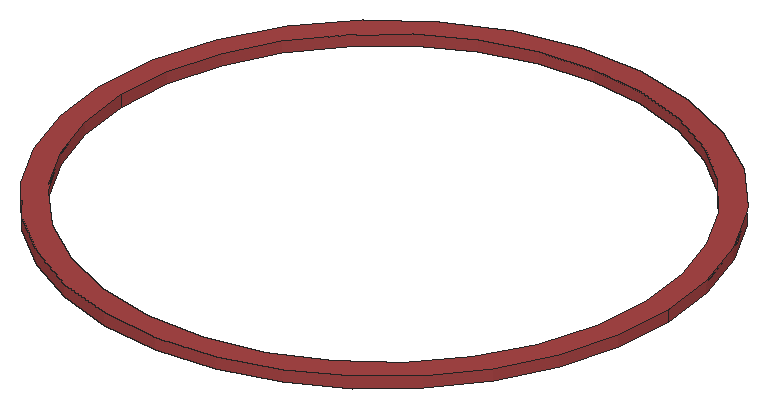
Revit family "Firestop-Putty-STI-Series_SSP_Floor", category Specialty Equipment, host Floor, Revit 2023
Family settings
  Host = Floor
  Round Connector Dimension = Use Diameter
  Part Type = Normal
  OmniClass Number = 23.20.50.14.11
  OmniClass Title = Penetrations Firestopping
  Enable Cutting in Views = No
  Always vertical = Yes
  Cut with Voids When Loaded = No
  Maintain Annotation Orientation = No
  Shared = No
  Room Calculation Point = No
Parameters
  URL = "http://www.stifirestop.com/"
  Type Comments = ""
  Tested Systems = "http://sti.fmpdata.net/system_search.html"
  Systems  (See "Tested Systems" for addtional) = ""
  Seal depth = 0' - 0 1/2"
  Product Page URL = "http://www.stifirestop.com/products/product-selector/ssp/"
  Product Documentation Link = "http://files.systems.stifirestop.com/4.%20Product%20Data%20Sheets/1.%20English/PDS_SSP%20Putty%20&%20Putty%20Pads.pdf"
  Pipe OD = 2' - 0"
  Open Diameter = Pipe OD + 0' 2"  # 2' - 2"
  Model = "Series SSP Putty"
  Manufacturer Phone No. = "800.992.1180"
  Manufacturer Fax No. = "908.526.9623"
  Manufacturer = "Specified Technologies Inc."
  Manufacture Address = "210 Evans Way, Somerville, NJ 08876"
  MSDS = "http://files.systems.stifirestop.com/5.%20Safety%20Data%20Sheet/1.%20English/SDS_SSP%20Putty%20&%20Putty%20Pads.pdf"
  Locate Distributor = "http://www.stifirestop.com/"
  Keynote = ""
  Guide Specification = "http://www.stifirestop.com/technical_library/specifications/"
  Green Building/LEED® Information = ""
  Firestopping-STI-Intumescent-red = STI Molded Intumescent
  Fire Rating = "Up to 4 Hr"
  Description = "SpecSeal® Series SSP Intumescent Firestop Putty"
  Default Elevation = 0' - 0"
  Contact Technical Service = "http://www.stifirestop.com/contact/"
  Contact Sales = "http://www.stifirestop.com/contact/"
  Color = "Red"
  Assembly Code = "D4030900"
Reference planes (in)
  plane 1 "Center (Front/Back)": y = 0
  plane 2: z = 0
  plane 3 "Center (Left/Right)": x = 0
  plane 4: x = -12
  plane 5: x = -13
  plane 6: x = 12
  plane 7: x = 13
  plane 8: z = -0.5
Forms (in)
  Extrusion 1, solid, material "STI Molded Intumescent" <- "Firestopping-STI-Intumescent-red"
    sketch origin (0, 0, 0) x (1, 0, 0) y (0, 1, 0)
      loop
        circle (0, 0) r 13
      loop
        circle (0, 0) r 12
    from -0.5 to 0
Lines and regions (in)
  Opening 1
    outline origin (60, 60, 0) x (0, 1, 0) y (-1, 0, 0)
      loop
        circle (-60, 60) r 13
Dimensions and locks (in)
  equal spacing: host sketch curve, plane 1 "Center (Front/Back)", host sketch curve
  equal spacing: host sketch curve, plane 3 "Center (Left/Right)", host sketch curve
  host sketch curve to host sketch curve = 10' - 0"  (x2)
  equal spacing: plane 4, plane 3 "Center (Left/Right)", plane 6
  "Pipe OD": plane 4 to plane 6
  level to host floor = 1' - 0"
  "Seal depth": level to plane 8
  equal spacing: plane 5, plane 3 "Center (Left/Right)", plane 7
  "Open Diameter": plane 5 to plane 7
  aligned and locked: level to plane 2
  aligned and locked: plane 5 to Opening 1 sketch curve
  aligned and locked: plane 7 to Opening 1 sketch curve
  aligned and locked: plane 4 to Extrusion 1 sketch curve
  aligned and locked: plane 6 to Extrusion 1 sketch curve
  aligned and locked: Extrusion 1 to plane 8
  aligned and locked: level to Extrusion 1
Automatic sketch dimensions
  plane 1 "Center (Front/Back)" to Opening 1 sketch curve = 0' - 0"
  Extrusion 1 sketch curve to Extrusion 1 sketch curve = 0' - 0"  (x2)
  plane 1 "Center (Front/Back)" to Extrusion 1 sketch curve = 0' - 0"
  Extrusion 1 sketch curve to plane 5 = 0' - 0"
